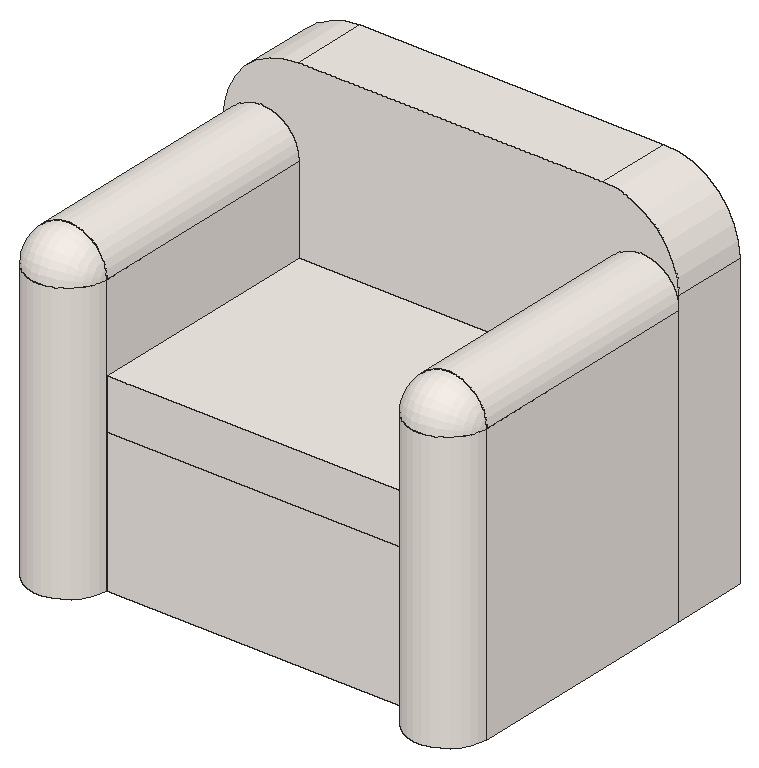
Revit family
Parameters (values of type "900 x 700 mm")
  Material of Sofa = Sofa Upholstry  Material
  Length = 900 mm
Reference planes
  plane 1 "Center (Front/Back)": y = 0
  plane 2: z = 0
  plane 3 "Center (Left/Right)": x = 0
  plane 4: z = 380
  plane 5: x = -450
  plane 6: x = 450
  plane 7: y = 350
  plane 8: y = -350
  plane 9: z = 625
  plane 10: z = 725
Forms (mm)
  Extrusion 1, solid, material "Sofa Upholstry  Material" <- "Material of Sofa"
    sketch origin (0, 0, 0) x (1, 0, 0) y (0, 1, 0)
      loop
        line (-450, 200) -> (-450, -275)
        arc (-450, -275) -> (-375, -350) -> (-300, -275) r 75
        line (-300, -275) -> (-300, 200) -> (-450, 200)
    from 0 to 550
  Sweep 2, solid, material "Sofa Upholstry  Material" <- "Material of Sofa"
    path origin (0, 0, 0) x (1, 0, 0) y (0, 1, 0)
      loop
        line (-300, -275) -> (-300, 200)
    profile origin (0, -37.5, 0) x (-1, 0, 0) y (0, 0, 1)
      loop
        line (300, 550) -> (450, 550)
        arc (450, 550) -> (375, 625) -> (300, 550) r 75
  Revolve 3, solid, material "Sofa Upholstry  Material" <- "Material of Sofa"
    sketch origin (0, 0, 550) x (0, -1, 0) y (1, 0, 0)
      loop
        arc (275, -450) -> (350, -375) -> (275, -300) r 75
        line (275, -300) -> (275, -450)
      axis (275, -450) -> (275, -300)
    angle from 0 to -90
  Sweep 4, solid, material "Sofa Upholstry  Material" <- "Material of Sofa"
    path origin (0, 0, 0) x (-1, 0, 0) y (0, -1, 0)
      loop
        line (-300, 275) -> (-300, -200)
    profile origin (0, -37.5, 0) x (1, 0, 0) y (0, 0, 1)
      loop
        line (300, 550) -> (450, 550)
        arc (450, 550) -> (375, 625) -> (300, 550) r 75
  Extrusion 5, solid, material "Sofa Upholstry  Material" <- "Material of Sofa"
    sketch origin (1500, 0, 0) x (1, 0, 0) y (0, 1, 0)
      loop
        line (-1200, 200) -> (-1200, -275)
        arc (-1200, -275) -> (-1125, -350) -> (-1050, -275) r 75
        line (-1050, -275) -> (-1050, 200) -> (-1200, 200)
    from 0 to 550
  Extrusion 6, solid, material "Sofa Upholstry  Material" <- "Material of Sofa"
    sketch origin (0, 0, 0) x (0, 1, 0) y (1, 0, 0)
      loop
        line (200, -300) -> (200, 300) -> (-275, 300) -> (-275, -300) -> (200, -300)
    from 0 to -280
  Extrusion 7, solid, material "Sofa Upholstry  Material" <- "Material of Sofa"
    sketch origin (0, 0, 0) x (1, 0, 0) y (0, 0, 1)
      loop
        line (450, 0) -> (450, 575)
        arc (450, 575) -> (406.066, 681.066) -> (300, 725) r 150
        line (300, 725) -> (-300, 725)
        arc (-300, 725) -> (-406.066, 681.066) -> (-450, 575) r 150
        line (-450, 575) -> (-450, 0) -> (450, 0)
    from -200 to -350
  Extrusion 8, solid, material "Sofa Upholstry  Material" <- "Material of Sofa"
    sketch origin (0, 0, 0) x (-1, 0, 0) y (0, 1, 0)
      loop
        line (-300, -275) -> (300, -275) -> (300, 200) -> (-300, 200) -> (-300, -275)
    from -280 to -380
  Revolve 9, solid, material "Sofa Upholstry  Material" <- "Material of Sofa"
    sketch origin (0, 0, 550) x (0, 1, 0) y (-1, 0, 0)
      loop
        line (-275, -450) -> (-275, -300)
        arc (-275, -300) -> (-350, -375) -> (-275, -450) r 75
      axis (-275, -450) -> (-275, -300)
    angle from 0 to -90
Dimensions and locks
  equal spacing: plane 5, plane 3 "Center (Left/Right)", plane 6
  "Length": plane 5 to plane 6
  locked: plane 8 to plane 7 at 700
  level to plane 4 = 380 mm  (x2)
  level to plane 9 = 625 mm
  locked: plane 10 to level at 725
  level to plane 10 = 725 mm
  plane 10 to level = 725 mm
  aligned and locked: Sweep 2 sketch curve to Extrusion 1  (x2)
  aligned and locked: Extrusion 1 to Sweep 2 sketch curve
  aligned and locked: Revolve 3 sketch curve to Sweep 2
  aligned and locked: Revolve 3 sketch curve to Extrusion 1
  aligned and locked: plane 10 to Extrusion 7
  aligned and locked: Extrusion 6 to Extrusion 8 sketch curve
  aligned and locked: Extrusion 8 to Extrusion 6
Automatic sketch dimensions
  Extrusion 1 sketch curve to plane 5 = 0 mm
  plane 5 to Extrusion 1 sketch curve = 75 mm
  Extrusion 1 sketch curve to plane 8 = 75 mm
  plane 7 to Extrusion 1 sketch curve = 150 mm
  Sweep 2 sketch curve to plane 8 = 75 mm
  plane 7 to Sweep 2 sketch curve = 150 mm
  Sweep 2 sketch curve to profile plane = 75 mm
  Revolve 3 sketch curve to Revolve 3 sketch curve = 0 mm
  Revolve 3 sketch curve to plane 5 = 35 mm
  Revolve 3 sketch curve to Revolve 3 sketch curve = 45 mm
  Sweep 4 sketch curve to plane 6 = 150 mm
  plane 7 to Sweep 4 sketch curve = 150 mm
  Sweep 4 sketch curve to plane 8 = 75 mm
  Sweep 4 sketch curve to profile plane = 0 mm
  profile plane to Sweep 4 sketch curve = 75 mm
  Extrusion 5 sketch curve to plane 6 = 0 mm
  Extrusion 5 sketch curve to Extrusion 5 sketch curve = 75 mm
  Extrusion 5 sketch curve to plane 8 = 75 mm
  plane 7 to Extrusion 5 sketch curve = 150 mm
  Extrusion 6 sketch curve to plane 8 = 75 mm
  plane 7 to Extrusion 6 sketch curve = 150 mm
  Extrusion 6 sketch curve to plane 6 = 150 mm
  plane 5 to Extrusion 6 sketch curve = 150 mm
  Extrusion 7 sketch curve to level = 0 mm
  Extrusion 7 sketch curve to plane 5 = 0 mm
  Extrusion 7 sketch curve to plane 10 = 0 mm
  Extrusion 7 sketch curve to plane 6 = 0 mm
  plane 5 to Extrusion 7 sketch curve = 150 mm
  Extrusion 7 sketch curve to plane 6 = 150 mm
  Extrusion 8 sketch curve to Extrusion 6 = 0 mm  (x3)
  Revolve 9 sketch curve to plane 6 = 0 mm
  Revolve 9 sketch curve to plane 8 = 75 mm
  Revolve 9 sketch curve to Revolve 9 sketch curve = 0 mm
  plane 6 to Revolve 9 sketch curve = 35 mm
  Revolve 9 sketch curve to Revolve 9 sketch curve = 75 mm
  Revolve 9 sketch curve to Revolve 9 sketch curve = 45 mm
